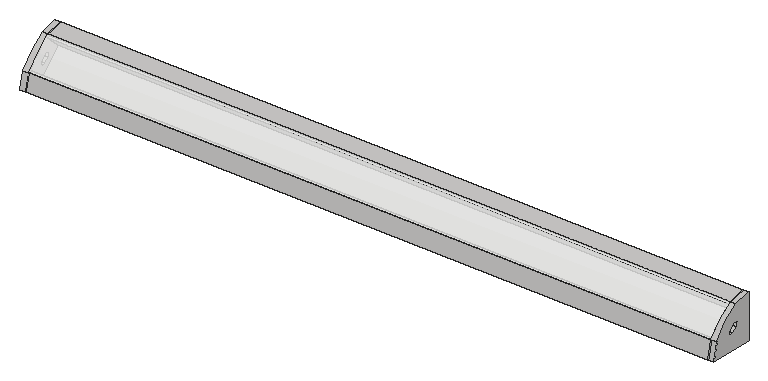
Revit family "Lighting - Luminii - Kendo 45M - Static White - Array", category Lighting Fixtures, host Face, Revit 2020
Family settings
  Host = Face
  Round Connector Dimension = Use Diameter
  Part Type = Normal
  OmniClass Number = 23.80.70.11.14.21
  OmniClass Title = Spots and Tracklight Specialties
  Cut with Voids When Loaded = No
  Light Source = No
  Shared = Yes
  Room Calculation Point = No
Parameters (values of type "Kendo 45M - Static White - High Color Quality")
  Width = 3/4"  # constant formula
  Wattage Comments = "2.8 W/ft"
  Warranty URL = "https://www.luminii.com/terms-conditions/"
  Voltage Comments = "120VAC - 277VAC"  # constant formula
  Voltage = 120 V
  Version = "2020 - v1.0a"  # constant formula
  URL = "https://www.luminii.com/"
  Support Phone = "224-699-9545"  # constant formula
  Support Email = "mailto:support@bimsmith.com"
  Product Page URL = "https://www.luminii.com/product/kendo-45m-static-white/"
  Product Name = "Kendo 45M – Static White"  # constant formula
  Product Documentation Link = "https://www.luminii.com/wp-content/uploads/z_special_catalog_products/products/kendo-45m-static-white/specsheets/Kendo-45M-Static-White-Spec.pdf"
  Power Source Type = "Driver"  # constant formula
  Power Factor = 1
  Phase = 1
  Output Option [instance] = if(High Color Quality, "72SO | 72HO | 72VHO", "HE48LO | HE48SO | HE48MO | HE48HO | HE64VHO | HE64XHO\r")  # "72SO | 72HO | 72VHO"
  Output [instance] = if(High Color Quality, "High Color Quality", "High Efficacy")  # "High Color Quality"
  Operating Temperature = "Consult Manufacturer Website for more Information"  # constant formula
  Number of Poles = if(and(or(Voltage = 120 V, Voltage = 277 V), Phase = 1), 1, if(and(or(Voltage = 208 V, Voltage = 240 V), Phase = 1), 2, if(and(or(Voltage = 208 V, Voltage = 240 V), Phase = 3), 3, if(and(Voltage > 300 V, Phase = 1), 2, if(and(Voltage > 400 V, Phase = 3), 3, 1)))))  # 1
  Mounting Method = "Surface Mount"  # constant formula
  Model = "K45M"
  Manufacturer Phone Number = "224-333-6033"  # constant formula
  Manufacturer Email = "mailto:info@luminii.com"
  Manufacturer Address = "7777 N Merrimac Ave, Niles, IL 60714"  # constant formula
  Manufacturer = "Luminii"  # constant formula
  Lumen Output = "222 lm/ft"
  Load Classification = Lighting
  Lens Material = Plastic - Luminii - Frosted Lens
  Length Comments [instance] = "Perfomance based on 1\" Photometric Web File, consult Manufacturer for custom sizes"  # constant formula
  Length [instance] = if(Desired Length < 12", 12", if(Desired Length > 144", 144", (round(Desired Length / 1")) * 1"))  # 12"
  Lamp Life = 1
  Lamp = "LED"  # constant formula
  Keynote = "26 50 00"
  Instruction Sheet Link = "https://www.luminii.com/wp-content/uploads/z_special_catalog_products/products/kendo-45m-static-white/install-guides/Kendo-45M-INSTALL.pdf"
  Initial Color Comments = "Perfomance based on 3000K Photometric Web File"  # constant formula
  Housing Protection Rating = "IP20 Dry/IP66 Wet Series"  # constant formula
  High Efficacy = not(High Color Quality)  # no
  High Color Quality = yes
  Has Dimming = 1 = 1  # yes
  Has Battery Backup = 0 = 1  # no
  Frequency Comments = ""  # constant formula
  Frequency = 60 Hz
  Finish = Metal - Luminii - Silver Anodized Aluminum
  Environment = "Indoor"  # constant formula
  Desired Length [instance] = 12"
  Description = "Linear Illumination System\r"  # constant formula
  Depth = 3/4"  # constant formula
  Default Elevation = 0"  # constant formula
  Current Amps = 50 A
  Copyright = "©2023 Luminii"  # constant formula
  built-in parameter 1114216 [instance] = 0  # (empty or 0)
  built-in parameter 1140040 [instance] = 1 = 1  # 1
  CCT = "3000K"
  C LED Number [instance] = Length / 1"  # 12
  Assembly Code = "D5020230"
  Apparent Load = 2.7 VA
Types (2): name | Output Option | Output | High Efficacy | High Color Quality
  Kendo 45M - Static White - High Color Quality | "72SO | 72HO | 72VHO" | "High Color Quality" | no | yes
  Kendo 45M - Static White - High Efficacy | "HE48LO | HE48SO | HE48MO | HE48HO | HE64VHO | HE64XHO\r" | "High Efficacy" | yes | no
Reference planes (in)
  plane 1 "Center (Front/Back)": y = 0
  plane 2: z = 0
  plane 3 "Center (Left/Right)": x = 0
  plane 4: x = -6
  plane 5: x = 6
  plane 6: y = 0.375
  plane 7: y = -0.375
  plane 8: z = 0.49854
  plane 9: x = -5.91016
  plane 10: x = 5.91016
  plane 11: y = -0.12104
  plane 12: z = 0.75
Forms (in)
  Extrusion 1, solid, material "Metal - Luminii - Silver Anodized Aluminum", not visible
    sketch origin (0, 0, 0) x (1, 0, 0) y (0, 1, 0)
      loop
        circle (0, 0) r 0.5
    from 0 to -0.17225
  Sweep 2, solid, material "Metal - Luminii - Silver Anodized Aluminum" <- "Finish", detail levels coarse
    path origin (0, 0, 0) x (1, 0, 0) y (0, 1, 0)
      loop
        line (-5.91016, 0) -> (5.91016, 0)
    profile origin (0, 0, 0) x (0, 1, 0) y (0, 0, 1)
      loop
        line (0.3128, 0.42179) -> (-0.04429, 0.0647) -> (-0.25641, 0.27682) -> (-0.27048, 0.23079) -> (-0.31414, 0.27445) -> (-0.3775, 0) -> (0.37695, 0) -> (0.37695, 0.75487) -> (0.10305, 0.69164) -> (0.14671, 0.64798) -> (0.10068, 0.63391) -> (0.3128, 0.42179)
  Sweep 3, solid, material "Plastic - Luminii - Frosted Lens" <- "Lens Material"
    path origin (0, 0, 0) x (1, 0, 0) y (0, 1, 0)
      loop
        line (-5.91016, 0) -> (5.91016, 0)
    profile origin (0, 0, 0) x (0, 1, 0) y (0, 0, 1)
      loop
        line (0.10068, 0.63391) -> (0.14671, 0.64798) -> (0.10305, 0.69164)
        arc (0.10305, 0.69164) -> (-0.12104, 0.49854) -> (-0.31414, 0.27445) r 1.99573
        line (-0.31414, 0.27445) -> (-0.27048, 0.23079) -> (-0.25641, 0.27682)
        arc (-0.25641, 0.27682) -> (-0.08877, 0.46627) -> (0.10068, 0.63391) r 2.07423
  Sweep 4, solid, material "Metal - Luminii - Silver Anodized Aluminum" <- "Finish", detail levels medium+fine
    path origin (0, 0, 0) x (1, 0, 0) y (0, 1, 0)
      loop
        line (-5.91016, 0) -> (-6, 0)
    profile origin (-5.95508, 0, 0) x (0, -1, 0) y (0, 0, 1)
      loop
        arc (0.31414, 0.27445) -> (0.12104, 0.49854) -> (-0.10305, 0.69164) r 1.99573
        line (-0.10305, 0.69164) -> (-0.37695, 0.75487) -> (-0.37695, 0) -> (0.3775, 0) -> (0.31414, 0.27445)
      loop
        arc (-0.04395, 0.40426) -> (-0.1185, 0.40426) -> (-0.1185, 0.32971) r 0.05272
        line (-0.1185, 0.32971) -> (-0.04779, 0.259)
        arc (-0.04779, 0.259) -> (0.02676, 0.259) -> (0.02676, 0.33355) r 0.05272
        line (0.02676, 0.33355) -> (-0.04395, 0.40426)
  Sweep 5, solid, material "Metal - Luminii - Silver Anodized Aluminum" <- "Finish", detail levels medium+fine
    path origin (0, 0, 0) x (-1, 0, 0) y (0, 1, 0)
      loop
        line (-5.91016, 0) -> (-6, 0)
    profile origin (5.95508, 0, 0) x (0, 1, 0) y (0, 0, 1)
      loop
        line (-0.31414, 0.27445) -> (-0.3775, 0) -> (0.37695, 0) -> (0.37695, 0.75487) -> (0.10305, 0.69164)
        arc (0.10305, 0.69164) -> (-0.12104, 0.49854) -> (-0.31414, 0.27445) r 1.99573
      loop
        arc (-0.02676, 0.33355) -> (-0.02676, 0.259) -> (0.04779, 0.259) r 0.05272
        line (0.04779, 0.259) -> (0.1185, 0.32971)
        arc (0.1185, 0.32971) -> (0.1185, 0.40426) -> (0.04395, 0.40426) r 0.05272
        line (0.04395, 0.40426) -> (-0.02676, 0.33355)
  Sweep 6, solid, material "Metal - Luminii - Silver Anodized Aluminum" <- "Finish", detail levels medium+fine
    path origin (0, 0, 0) x (1, 0, 0) y (0, 1, 0)
      loop
        line (-5.91016, 0) -> (5.91016, 0)
    profile origin (0, 0, 0) x (0, 1, 0) y (0, 0, 1)
      loop
        line (0.3128, 0.42179) -> (-0.04429, 0.0647) -> (-0.25641, 0.27682) -> (-0.27048, 0.23079) -> (-0.31414, 0.27445) -> (-0.3775, 0)
        arc (-0.3775, 0) -> (-0.3174, 0.01782) -> (-0.2822, 0.0697) r 0.09314
        line (-0.2822, 0.0697) -> (-0.2822, 0.16099) -> (-0.24206, 0.17762) -> (-0.17742, 0.11298) -> (-0.23416, 0.0147) -> (-0.00944, 0.0147) -> (0.08336, 0.1075) -> (0.26526, 0.1075) -> (0.19868, 0.22282) -> (0.3175, 0.34164) -> (0.3175, 0) -> (0.37695, 0) -> (0.37695, 0.75487) -> (0.10305, 0.69164) -> (0.14671, 0.64798) -> (0.10068, 0.63391) -> (0.3128, 0.42179)
  Sweep 7, solid, material "Metal - Luminii - Silver Anodized Aluminum" <- "Finish", detail levels coarse
    path origin (0, 0, 0) x (1, 0, 0) y (0, 1, 0)
      loop
        line (-5.91016, 0) -> (-6, 0)
    profile origin (-5.95508, 0, 0) x (0, -1, 0) y (0, 0, 1)
      loop
        arc (0.31414, 0.27445) -> (0.12104, 0.49854) -> (-0.10305, 0.69164) r 1.99573
        line (-0.10305, 0.69164) -> (-0.37695, 0.75487) -> (-0.37695, 0) -> (0.3775, 0) -> (0.31414, 0.27445)
  Sweep 8, solid, material "Metal - Luminii - Silver Anodized Aluminum" <- "Finish", detail levels coarse
    path origin (0, 0, 0) x (-1, 0, 0) y (0, 1, 0)
      loop
        line (-5.91016, 0) -> (-6, 0)
    profile origin (5.95508, 0, 0) x (0, 1, 0) y (0, 0, 1)
      loop
        line (-0.31414, 0.27445) -> (-0.3775, 0) -> (0.37695, 0) -> (0.37695, 0.75487) -> (0.10305, 0.69164)
        arc (0.10305, 0.69164) -> (-0.12104, 0.49854) -> (-0.31414, 0.27445) r 1.99573
Dimensions and locks (in)
  equal spacing: plane 4, plane 3 "Center (Left/Right)", plane 5
  equal spacing: plane 6, plane 1 "Center (Front/Back)", plane 7
  "Length": plane 4 to plane 5
  "Width": plane 6 to plane 7
  locked: plane 10 to plane 5 at 0.08984
  locked: plane 4 to plane 9 at 0.08984
  "Depth": plane 12 to level
  equal spacing: group 1, group 3, group 4, group 5, group 6, group 7, group 8, group 9, group 10, group 11, group 12, group 2  (x3)
  aligned and locked: plane 2 to host face
  aligned and locked: plane 3 "Center (Left/Right)" to Extrusion 1 sketch curve
  aligned and locked: plane 1 "Center (Front/Back)" to Extrusion 1 sketch curve
  aligned and locked: plane 2 to Extrusion 1  (x2)
  aligned and locked: plane 9 to Sweep 2 sketch curve
  aligned and locked: plane 1 "Center (Front/Back)" to Sweep 2 sketch curve
  aligned and locked: plane 10 to Sweep 2 sketch curve
  aligned and locked: plane 1 "Center (Front/Back)" to Sweep 3 sketch curve
  aligned and locked: plane 10 to Sweep 3 sketch curve
  aligned and locked: plane 9 to Sweep 3 sketch curve
  aligned and locked: Sweep 4 sketch curve to plane 1 "Center (Front/Back)"
  aligned and locked: plane 9 to Sweep 4 sketch curve
  aligned and locked: plane 4 to Sweep 4 sketch curve
  aligned and locked: plane 10 to Sweep 5 sketch curve
  aligned and locked: plane 5 to Sweep 5 sketch curve
  aligned and locked: plane 1 "Center (Front/Back)" to Sweep 5 sketch curve
  aligned and locked: Sweep 7 sketch curve to plane 1 "Center (Front/Back)"
  aligned and locked: plane 4 to Sweep 7 sketch curve
  aligned and locked: plane 9 to Sweep 7 sketch curve
  aligned and locked: level to Sweep 7 sketch curve
  aligned and locked: plane 9 to Sweep 6 sketch curve
  aligned and locked: plane 10 to Sweep 6 sketch curve
  aligned and locked: plane 1 "Center (Front/Back)" to Sweep 6 sketch curve
  aligned and locked: plane 5 to Sweep 8 sketch curve
  aligned and locked: plane 10 to Sweep 8 sketch curve
  aligned and locked: plane 1 "Center (Front/Back)" to Sweep 8 sketch curve
  aligned and locked: Sweep 5 sketch curve to plane 2
  aligned and locked: plane 2 to nested 1
  aligned and locked: plane 1 "Center (Front/Back)" to nested 1
  aligned and locked: plane 4 to nested 1
  aligned and locked: plane 2 to nested 2
  aligned and locked: plane 1 "Center (Front/Back)" to nested 2
  aligned and locked: plane 5 to nested 2
Automatic sketch dimensions
  host sketch curve to host sketch curve = 96"  (x2)
  profile plane to Sweep 2 sketch curve = 0.3775"
  Sweep 2 sketch curve to profile plane = 0.10068"
  Sweep 2 sketch curve to Sweep 2 sketch curve = 0.00237"
  Sweep 2 sketch curve to Sweep 2 sketch curve = 0.04603"  (x2)
  Sweep 2 sketch curve to Sweep 2 sketch curve = 0.23024"
  Sweep 2 sketch curve to Sweep 2 sketch curve = 0.01407"  (x2)
  Sweep 2 sketch curve to Sweep 2 sketch curve = 0.05773"  (x2)
  Sweep 2 sketch curve to Sweep 2 sketch curve = 0.10689"
  profile plane to Sweep 3 sketch curve = 0.31414"
  Sweep 3 sketch curve to Sweep 3 sketch curve = 0.04366"  (x2)
  Sweep 3 sketch curve to Sweep 3 sketch curve = 0.01407"  (x2)
  Sweep 3 sketch curve to profile plane = 0.10068"
  Sweep 3 sketch curve to Sweep 3 sketch curve = 0.00237"
  Sweep 3 sketch curve to Sweep 3 sketch curve = 0.04603"  (x2)
  Sweep 3 sketch curve to profile plane = 1.29015"
  Sweep 3 sketch curve to Sweep 3 sketch curve = 0.08778"  (x2)
  Sweep 3 sketch curve to level = 1.00043"
  level to Sweep 3 sketch curve = 0.23079"
  Sweep 4 sketch curve to level = 0"
  profile plane to Sweep 4 sketch curve = 1.29015"
  profile plane to Sweep 4 sketch curve = 0.37695"
  profile plane to Sweep 4 sketch curve = 0.1185"
  profile plane to Sweep 4 sketch curve = 0.10305"
  Sweep 4 sketch curve to Sweep 4 sketch curve = 0.03728"  (x3)
  profile plane to Sweep 4 sketch curve = 0.04779"
  profile plane to Sweep 4 sketch curve = 0.04395"
  profile plane to Sweep 4 sketch curve = 0.01051"
  Sweep 4 sketch curve to profile plane = 0.02676"
  Sweep 4 sketch curve to Sweep 4 sketch curve = 0.28737"
  Sweep 4 sketch curve to Sweep 4 sketch curve = 0.06336"
  Sweep 4 sketch curve to level = 0.91265"
  level to Sweep 4 sketch curve = 0.259"
  level to Sweep 4 sketch curve = 0.27445"
  Sweep 4 sketch curve to Sweep 4 sketch curve = 0.07071"
  Sweep 4 sketch curve to Sweep 4 sketch curve = 0.06323"
  Sweep 5 sketch curve to level = 0"
  profile plane to Sweep 5 sketch curve = 0.3775"
  Sweep 5 sketch curve to Sweep 5 sketch curve = 0.06336"
  profile plane to Sweep 5 sketch curve = 0.02676"
  Sweep 5 sketch curve to profile plane = 0.01051"
  Sweep 5 sketch curve to profile plane = 0.04395"
  Sweep 5 sketch curve to profile plane = 0.04779"
  Sweep 5 sketch curve to Sweep 5 sketch curve = 0.03728"  (x4)
  Sweep 5 sketch curve to profile plane = 0.10305"
  Sweep 5 sketch curve to Sweep 5 sketch curve = 0.2739"
  Sweep 5 sketch curve to profile plane = 1.29015"
  Sweep 5 sketch curve to level = 0.91265"
  level to Sweep 5 sketch curve = 0.259"
  level to Sweep 5 sketch curve = 0.27445"
  Sweep 5 sketch curve to Sweep 5 sketch curve = 0.07071"
  Sweep 5 sketch curve to Sweep 5 sketch curve = 0.06323"
  Sweep 6 sketch curve to level = 0"  (x2)
  profile plane to Sweep 6 sketch curve = 0.3775"
  Sweep 6 sketch curve to Sweep 6 sketch curve = 0.00512"
  Sweep 6 sketch curve to Sweep 6 sketch curve = 0.05824"
  Sweep 6 sketch curve to Sweep 6 sketch curve = 0.09018"
  Sweep 6 sketch curve to Sweep 6 sketch curve = 0.04366"  (x2)
  Sweep 6 sketch curve to Sweep 6 sketch curve = 0.01407"  (x2)
  Sweep 6 sketch curve to Sweep 6 sketch curve = 0.04014"
  level to Sweep 6 sketch curve = 0.0147"
  Sweep 6 sketch curve to Sweep 6 sketch curve = 0.04804"
  Sweep 6 sketch curve to Sweep 6 sketch curve = 0.06464"
  profile plane to Sweep 6 sketch curve = 0.04429"
  profile plane to Sweep 6 sketch curve = 0.00944"
  Sweep 6 sketch curve to profile plane = 0.08336"
  Sweep 6 sketch curve to profile plane = 0.10068"
  Sweep 6 sketch curve to Sweep 6 sketch curve = 0.00237"
  Sweep 6 sketch curve to Sweep 6 sketch curve = 0.04603"  (x2)
  Sweep 6 sketch curve to Sweep 6 sketch curve = 0.11532"  (x2)
  Sweep 6 sketch curve to Sweep 6 sketch curve = 0.06658"
  Sweep 6 sketch curve to Sweep 6 sketch curve = 0.11412"
  Sweep 6 sketch curve to Sweep 6 sketch curve = 0.0047"
  Sweep 6 sketch curve to Sweep 6 sketch curve = 0.23024"
  Sweep 6 sketch curve to Sweep 6 sketch curve = 0.05"
  level to Sweep 6 sketch curve = 0.0697"
  level to Sweep 6 sketch curve = 0.1075"
  level to Sweep 6 sketch curve = 0.11298"
  Sweep 6 sketch curve to Sweep 6 sketch curve = 0.09129"
  Sweep 6 sketch curve to Sweep 6 sketch curve = 0.01663"
  Sweep 6 sketch curve to Sweep 6 sketch curve = 0.05317"
  Sweep 6 sketch curve to Sweep 6 sketch curve = 0.08015"
  Sweep 6 sketch curve to Sweep 6 sketch curve = 0.05773"
  Sweep 6 sketch curve to Sweep 6 sketch curve = 0.10689"
  Sweep 7 sketch curve to level = 0"
  profile plane to Sweep 7 sketch curve = 1.29015"
  profile plane to Sweep 7 sketch curve = 0.37695"
  profile plane to Sweep 7 sketch curve = 0.10305"
  Sweep 7 sketch curve to Sweep 7 sketch curve = 0.06336"
  Sweep 7 sketch curve to level = 0.91265"
  level to Sweep 7 sketch curve = 0.27445"
  Sweep 7 sketch curve to Sweep 7 sketch curve = 0.06323"
  Sweep 8 sketch curve to level = 0"
  profile plane to Sweep 8 sketch curve = 0.3775"
  Sweep 8 sketch curve to Sweep 8 sketch curve = 0.06336"
  Sweep 8 sketch curve to profile plane = 0.10305"
  Sweep 8 sketch curve to Sweep 8 sketch curve = 0.2739"
  Sweep 8 sketch curve to profile plane = 1.29015"
  Sweep 8 sketch curve to level = 0.91265"
  level to Sweep 8 sketch curve = 0.27445"
  Sweep 8 sketch curve to Sweep 8 sketch curve = 0.06323"
  Sweep 7 sketch curve to profile plane = 0.31414"
  Sweep 2 sketch curve to level = 0"
  Sweep 2 sketch curve to Sweep 2 sketch curve = 0.06336"
  Sweep 2 sketch curve to Sweep 2 sketch curve = 0.16609"
  Sweep 2 sketch curve to Sweep 2 sketch curve = 0.22619"
  level to Sweep 2 sketch curve = 0.63391"
  level to Sweep 2 sketch curve = 0.27445"
  profile plane to Sweep 2 sketch curve = 0.04429"
  radius of Extrusion 1 sketch curve = 1/2"
Nested families (in)
  nested 1: "Lighting - Luminii - Kendo 45M - Static White - Nested Light Source" at (-5.5, 0, 0), type "Default"
    with Output Option "HE48LO | HE48SO | HE48MO | HE48HO | HE64VHO | HE64XHO\r", Output "High Efficacy", Length Comments "Perfomance based on 1\" Photometric Web File", Length 1", Desired Length 12", built-in parameter 1114216 (empty or 0), built-in parameter 1140040 1
  nested 2: "Lighting - Luminii - Kendo 45M - Static White - Nested Light Source" at (5.5, 0, 0), type "Default"
    with Output Option "HE48LO | HE48SO | HE48MO | HE48HO | HE64VHO | HE64XHO\r", Output "High Efficacy", Length Comments "Perfomance based on 1\" Photometric Web File", Length 1", Desired Length 12", built-in parameter 1114216 (empty or 0), built-in parameter 1140040 1
  nested 3: "Lighting - Luminii - Kendo 45M - Static White - Nested Light Source" at (-4.5, 0, 0), type "Default"
    with Output Option "HE48LO | HE48SO | HE48MO | HE48HO | HE64VHO | HE64XHO\r", Output "High Efficacy", Length Comments "Perfomance based on 1\" Photometric Web File", Length 1", Desired Length 12", built-in parameter 1114216 (empty or 0), built-in parameter 1140040 1
  nested 4: "Lighting - Luminii - Kendo 45M - Static White - Nested Light Source" at (-3.5, 0, 0), type "Default"
    with Output Option "HE48LO | HE48SO | HE48MO | HE48HO | HE64VHO | HE64XHO\r", Output "High Efficacy", Length Comments "Perfomance based on 1\" Photometric Web File", Length 1", Desired Length 12", built-in parameter 1114216 (empty or 0), built-in parameter 1140040 1
  nested 5: "Lighting - Luminii - Kendo 45M - Static White - Nested Light Source" at (-2.5, 0, 0), type "Default"
    with Output Option "HE48LO | HE48SO | HE48MO | HE48HO | HE64VHO | HE64XHO\r", Output "High Efficacy", Length Comments "Perfomance based on 1\" Photometric Web File", Length 1", Desired Length 12", built-in parameter 1114216 (empty or 0), built-in parameter 1140040 1
  nested 6: "Lighting - Luminii - Kendo 45M - Static White - Nested Light Source" at (-1.5, 0, 0), type "Default"
    with Output Option "HE48LO | HE48SO | HE48MO | HE48HO | HE64VHO | HE64XHO\r", Output "High Efficacy", Length Comments "Perfomance based on 1\" Photometric Web File", Length 1", Desired Length 12", built-in parameter 1114216 (empty or 0), built-in parameter 1140040 1
  nested 7: "Lighting - Luminii - Kendo 45M - Static White - Nested Light Source" at (-0.5, 0, 0), type "Default"
    with Output Option "HE48LO | HE48SO | HE48MO | HE48HO | HE64VHO | HE64XHO\r", Output "High Efficacy", Length Comments "Perfomance based on 1\" Photometric Web File", Length 1", Desired Length 12", built-in parameter 1114216 (empty or 0), built-in parameter 1140040 1
  nested 8: "Lighting - Luminii - Kendo 45M - Static White - Nested Light Source" at (0.5, 0, 0), type "Default"
    with Output Option "HE48LO | HE48SO | HE48MO | HE48HO | HE64VHO | HE64XHO\r", Output "High Efficacy", Length Comments "Perfomance based on 1\" Photometric Web File", Length 1", Desired Length 12", built-in parameter 1114216 (empty or 0), built-in parameter 1140040 1
  nested 9: "Lighting - Luminii - Kendo 45M - Static White - Nested Light Source" at (1.5, 0, 0), type "Default"
    with Output Option "HE48LO | HE48SO | HE48MO | HE48HO | HE64VHO | HE64XHO\r", Output "High Efficacy", Length Comments "Perfomance based on 1\" Photometric Web File", Length 1", Desired Length 12", built-in parameter 1114216 (empty or 0), built-in parameter 1140040 1
  nested 10: "Lighting - Luminii - Kendo 45M - Static White - Nested Light Source" at (2.5, 0, 0), type "Default"
    with Output Option "HE48LO | HE48SO | HE48MO | HE48HO | HE64VHO | HE64XHO\r", Output "High Efficacy", Length Comments "Perfomance based on 1\" Photometric Web File", Length 1", Desired Length 12", built-in parameter 1114216 (empty or 0), built-in parameter 1140040 1
  nested 11: "Lighting - Luminii - Kendo 45M - Static White - Nested Light Source" at (3.5, 0, 0), type "Default"
    with Output Option "HE48LO | HE48SO | HE48MO | HE48HO | HE64VHO | HE64XHO\r", Output "High Efficacy", Length Comments "Perfomance based on 1\" Photometric Web File", Length 1", Desired Length 12", built-in parameter 1114216 (empty or 0), built-in parameter 1140040 1
  nested 12: "Lighting - Luminii - Kendo 45M - Static White - Nested Light Source" at (4.5, 0, 0), type "Default"
    with Output Option "HE48LO | HE48SO | HE48MO | HE48HO | HE64VHO | HE64XHO\r", Output "High Efficacy", Length Comments "Perfomance based on 1\" Photometric Web File", Length 1", Desired Length 12", built-in parameter 1114216 (empty or 0), built-in parameter 1140040 1
Connectors (in)
  electrical at (0, 0, 0), driven by "Number of Poles", driven by "Load Classification", driven by "Voltage", driven by "Apparent Load", driven by "Power Factor"
    settings: on Extrusion 1, index 1, voltage 120 V, apparent load 2.7 VA, apparent load phase1 0 VA, apparent load phase2 0 VA, apparent load phase3 0 VA, power factor 1, load classification "Lighting", number of poles 1, system type 30, power factor state 1, is connector primary yes, connector utility no, sub classification motor no, connector description "Power Connection"
Definition of nested family "Lighting - Luminii - Kendo 45M - Static White - Nested Light Source"
  Parameters (values of type "Default")
    Width = 3/4"  # constant formula
    Wattage Comments = "2.8 W/ft"
    Wattage = 2.7 W
    Warranty URL = "https://www.luminii.com/terms-conditions/"
    built-in parameter 1150110 = 1 (stored number, unit not read)
    Voltage Comments = "120VAC - 277VAC"  # constant formula
    Voltage = 120 V
    Version = "2020 - v1.0a"  # constant formula
    URL = "https://www.luminii.com/"
    built-in parameter 1114217 = 1 (stored number, unit not read)
    Tilt Angle = -45.00°  # constant formula
    built-in parameter 1150109 = 1 (stored number, unit not read)
    built-in parameter 1150134 = (empty or 0)
    built-in parameter 1150113 = 1 (stored number, unit not read)
    Support Phone = "224-699-9545"  # constant formula
    Support Email = "mailto:support@bimsmith.com"
    Product Page URL = "https://www.luminii.com/product/kendo-45m-static-white/"
    Product Name = "Kendo 45M – Static White"  # constant formula
    Product Documentation Link = "https://www.luminii.com/wp-content/uploads/z_special_catalog_products/products/kendo-45m-static-white/specsheets/Kendo-45M-Static-White-Spec.pdf"
    Power Source Type = "Driver"  # constant formula
    Power Factor = 1
    Photometric Web File = "KENDO M - CLEAR LENS - LL72-VHO-30K_IES.IES"
    Phase = 1
    Output Option [instance] = if(High Color Quality, "72SO | 72HO | 72VHO", "HE48LO | HE48SO | HE48MO | HE48HO | HE64VHO | HE64XHO\r")  # "HE48LO | HE48SO | HE48MO | HE48HO | HE64VHO | HE64XHO\r"
    Output [instance] = if(High Color Quality, "High Color Quality", "High Efficacy")  # "High Efficacy"
    Operating Temperature = "Consult Manufacturer Website for more Information"  # constant formula
    Number of Poles = if(and(or(Voltage = 120 V, Voltage = 277 V), Phase = 1), 1, if(and(or(Voltage = 208 V, Voltage = 240 V), Phase = 1), 2, if(and(or(Voltage = 208 V, Voltage = 240 V), Phase = 3), 3, if(and(Voltage > 300 V, Phase = 1), 2, if(and(Voltage > 400 V, Phase = 3), 3, 1)))))  # 1
    Mounting Method = "Surface Mount"  # constant formula
    Model = "K45M"
    Manufacturer Phone Number = "224-333-6033"  # constant formula
    Manufacturer Email = "mailto:info@luminii.com"
    Manufacturer Address = "7777 N Merrimac Ave, Niles, IL 60714"  # constant formula
    Manufacturer = "Luminii"  # constant formula
    built-in parameter 1150105 = 16.974 (stored number, unit not read)
    Lumens = 213.3 lm
    built-in parameter 1150115 = 1 (stored number, unit not read)
    Lumen Output = "222 lm/ft"
    Load Classification = none
    built-in parameter 1150137 = (empty or 0)
    built-in parameter 1150139 = (empty or 0)
    Lens Material = none
    Length Comments [instance] = "Perfomance based on 1\" Photometric Web File"  # constant formula
    Length [instance] = 1"  # constant formula
    built-in parameter 1150112 = 1 (stored number, unit not read)
    built-in parameter 1150114 = 1 (stored number, unit not read)
    Lamp Life = 1
    Lamp = "LED"  # constant formula
    Keynote = "26 50 00"
    Instruction Sheet Link = "https://www.luminii.com/wp-content/uploads/z_special_catalog_products/products/kendo-45m-static-white/install-guides/Kendo-45M-INSTALL.pdf"
    built-in parameter 1150132 = (empty or 0)
    built-in parameter 1150102 = (empty or 0)
    built-in parameter 1150107 = 3000 (stored number, unit not read)
    Initial Color Comments = "Perfomance based on 3000K Photometric Web File"  # constant formula
    built-in parameter 1150138 = (empty or 0)
    built-in parameter 1150106 = 0.16974 (stored number, unit not read)
    Housing Protection Rating = "IP20 Dry/IP66 Wet Series"  # constant formula
    High Efficacy = not(High Color Quality)  # yes
    High Color Quality = no
    Has Dimming = 1 = 1  # yes
    Has Battery Backup = 0 = 1  # no
    Frequency Comments = ""  # constant formula
    Frequency = 60 Hz
    Finish = none
    Environment = "Indoor"  # constant formula
    Emit from Rectangle Width = Width  # 3/4"
    Emit from Rectangle Length = 1"
    Emit Shape Visible in Rendering = yes
    built-in parameter 1150104 = 7.3393 (stored number, unit not read)
    Dimming Lamp Color Temperature Shift = (empty or 0)
    Desired Length [instance] = 12"
    Description = "Linear Illumination System\r"  # constant formula
    Depth = 3/4"  # constant formula
    Default Elevation = 0"  # constant formula
    Current Amps = 50 A
    Copyright = "©2023 Luminii"  # constant formula
    Color Filter = 16777215
    built-in parameter 1114216 [instance] = 0  # (empty or 0)
    built-in parameter 1140040 [instance] = 1 = 1  # 1
    CCT = "3000K"
    built-in parameter 1114218 = 1 (stored number, unit not read)
    built-in parameter 1150133 = 10 (stored number, unit not read)
    Assembly Code = "D5020230"
    Apparent Load = Wattage / Power Factor  # 2.7 VA
  Reference planes (in)
    plane 1 "Center (Front/Back)": y = 0
    plane 2: z = 0
    plane 3 "Center (Left/Right)": x = 0
    plane 4: x = -0.5
    plane 5: x = 0.5
    plane 6: y = 0.375
    plane 7: y = -0.375
    plane 8: z = 0.49854
    plane 9: x = -0.41016
    plane 10: x = 0.41016
    plane 11: y = -0.12104
    plane 12: z = 0.75
  Forms (in)
    Extrusion 1, solid
      sketch origin (0, 0, 0) x (1, 0, 0) y (0, 1, 0)
        loop
          line (-48, 48) -> (-48, -48) -> (48, -48) -> (48, 48) -> (-48, 48)
      from 0 to -12
    Extrusion 2, solid, not visible
      sketch origin (0, 0, 0) x (1, 0, 0) y (0, 1, 0)
        loop
          circle (0, 0) r 0.5
      from 0 to -0.17225
  Dimensions and locks (in)
    equal spacing: plane 4, plane 3 "Center (Left/Right)", plane 5
    equal spacing: plane 6, plane 1 "Center (Front/Back)", plane 7
    "Length": plane 4 to plane 5
    "Width": plane 6 to plane 7
    locked: plane 10 to plane 5 at 0.08984
    locked: plane 4 to plane 9 at 0.08984
    "Depth": plane 12 to level
    aligned and locked: plane 2 to Extrusion 1
    aligned and locked: plane 3 "Center (Left/Right)" to Extrusion 2 sketch curve
    aligned and locked: plane 1 "Center (Front/Back)" to Extrusion 2 sketch curve
    aligned and locked: plane 2 to Extrusion 2  (x2)
    aligned and locked: imposter light to plane 8
    aligned and locked: imposter light to plane 3 "Center (Left/Right)"
    aligned and locked: imposter light to plane 11
  Automatic sketch dimensions
    Extrusion 1 sketch curve to Extrusion 1 sketch curve = 96"  (x2)
    radius of Extrusion 2 sketch curve = 1/2"
  Connectors (in)
    electrical at (0, 0, 0), driven by "Number of Poles", driven by "Load Classification", driven by "Voltage", driven by "Apparent Load", driven by "Power Factor"
      settings: on Extrusion 2, index 1, voltage 120 V, apparent load 2.7 VA, apparent load phase1 0 VA, apparent load phase2 0 VA, apparent load phase3 0 VA, power factor 1, load classification none, number of poles 1, system type 30, power factor state 1, is connector primary yes, connector utility no, sub classification motor no, connector description "Power Connection"
